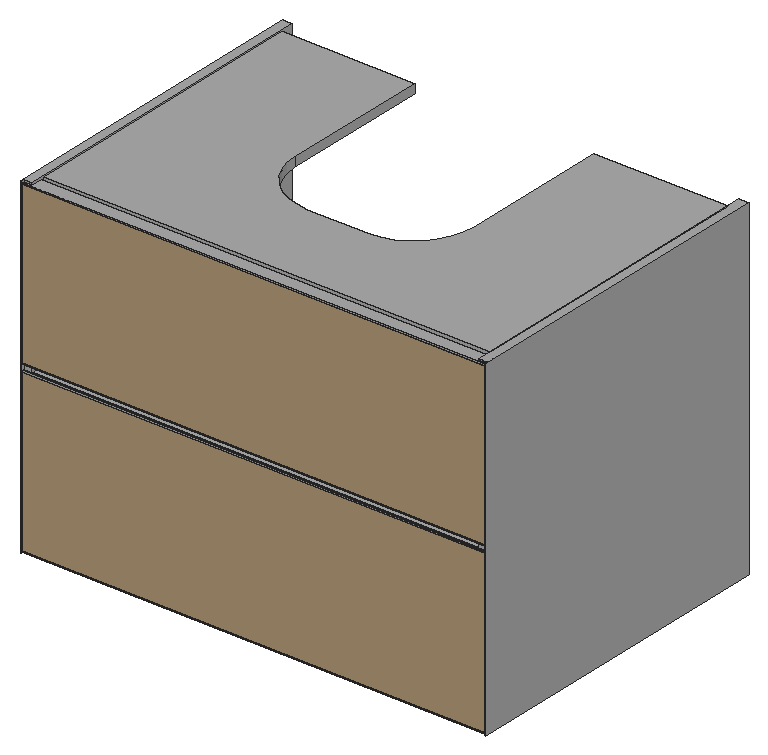
Revit family "vanity unit-hansgrohe-54189XXX-Xevolos E Vanity unit Slate Matt Grey 780_550 with 2 drawers for consoles with countertop basin ground", category Furniture, Revit 2019
Family settings
  OmniClass Number = 23.40.00.00
  OmniClass Title = Equipment and Furnishings
  Work Plane-Based = No
  Always vertical = Yes
  Cut with Voids When Loaded = No
  Shared = Yes
  Room Calculation Point = No
Parameters (values of type "54189390-SLATE_MATT_GREY-PATTEREND_BRONZE-400")
  etim7_EC011381 = "EC011381"
  WEIGHT = "45"
  UNSPSC = "56 | Furniture and Furnishings"
  UNIFORMATII = "E2010 | Fixed Furnishings"
  UNICLASS_2015_CODE = "40_30_78_05"
  UNICLASS2015 = "Pr_40_30_78_05 | Bathroom furniture"
  SURFACE = "PATTEREND_BRONZE"
  REGION = "Worldwide"
  PRODUCTURL = "https://pro.hansgrohe.com/articledetail--54189770"
  PERMALINK = "54189XXX"
  OMNICLASS = "23-21 19 15 33 13 | Residential Bathroom Specialty Casework"
  OBJECTTYPE = "Object (single object)"
  OBERFLAECHE = "SLATE_MATT_GREY"
  NN = "Vanity unit with 2 drawers for consoles with countertop basin ground"
  NBSYN = "$ARTNR.-$OBERFLAECHE.-$SURFACE.-$LODLEVEL."
  NB = "54189390-SLATE_MATT_GREY-PATTEREND_BRONZE-400"
  NAME = "Xevolos E Vanity unit Slate Matt Grey 780/550 with 2 drawers for consoles with countertop basin ground"
  Model = "54189390-SLATE_MATT_GREY-PATTEREND_BRONZE-400"
  Manufacturer = "Hansgrohe"
  MIdent = "{$CADENAS_DATA/23d-libs/hansgrohe/xevolos_furniture/e_vanity_unit_2_drawers_console_countertop_basin/vanity_unit_2drawers_consoles_countertop_basin.prj},300 {VTYP=3D},{NB=54189390-SLATE_MATT_GREY-PATTEREND_BRONZE-400},{LINA=54189390-SLATE_MATT_GREY-PATTEREND_BRONZE-400},{NN=Vanity unit with 2 drawers for consoles with countertop basin ground},{DATE=13.03.2023 11:45:48},{GEOMDATE=12.03.2023 06:32:00},{VERSION=},{LINEID=70},{WBVAR=LODLEVEL},{WBNUMERIC=}  {NB=54189390-SLATE_MATT_GREY-PATTEREND_BRONZE-400},{LINA=54189390-SLATE_MATT_GREY-PATTEREND_BRONZE-400},{KT=DUMMY},{IDNR=7},{ARTNR=54189390},{BASENUMBER=54189},{MODEL=54189XXX},{OBERFLAECHE=SLATE_MATT_GREY},{SURFACE=PATTEREND_BRONZE},{L=780},{LODLEVEL=400},{LODLEVELX='400','400','200','200'},{NAME=Xevolos E Vanity unit Slate Matt Grey 780/550 with 2 drawers for consoles with countertop basin ground},{PERMALINK=54189XXX},{OBJECTTYPE=Object (single object)},{BIMOBJECT=Sanitary: Compound units},{COLLECTIONSET=Xevolos E},{COLLECTION=vanity unit},{WEIGHT=45},{DESCRIPTION=Xevolos E Vanity unit Slate Matt Grey 780/550 with 2 drawers for consoles with countertop basin ground},{PRODUCTURL=https://pro.hansgrohe.com/articledetail--54189770},{GTINCODE=0},{TENDERURL=0},{IFC=Furnishing element},{ETIM=EC011381 | Bathroom furniture set},{UNICLASS2015=Pr_40_30_78_05 | Bathroom furniture},{OMNICLASS=23-21 19 15 33 13 | Residential Bathroom Specialty Casework},{MASTERFORMAT=12 35 30.23 | Bathroom Casework},{UNSPSC=56 | Furniture and Furnishings},{UNIFORMATII=E2010 | Fixed Furnishings},{REGION=Worldwide},{DESIGN=Germany},{MANUFACTURER=Germany}"
  MASTERFORMAT = "12 35 30.23 | Bathroom Casework"
  LODLEVEL = "400"
  LINA = "54189390-SLATE_MATT_GREY-PATTEREND_BRONZE-400"
  L = 780
  IFC = "Furnishing element"
  IDNR = 7
  ETIM = "EC011381 | Bathroom furniture set"
  DESIGN = "Germany"
  COLLECTIONSET = "Xevolos E"
  COLLECTION = "vanity unit"
  CATALOG = "Hansgrohe"
  BIMOBJECT = "Sanitary: Compound units"
  BASENUMBER = "54189"
  ARTNR = "54189390"
  54189770-SLATE_MATT_GREY-METALLIC_SLATE_GREY-400_RX0RY0RZ0TX0TY0TZ0_V = no
  54189770-SLATE_MATT_GREY-METALLIC_SLATE_GREY-200_RX0RY0RZ0TX0TY0TZ0_V = no
  54189730-SLATE_MATT_GREY-DARK_OAK-400_RX0RY0RZ0TX0TY0TZ0_V = no
  54189730-SLATE_MATT_GREY-DARK_OAK-200_RX0RY0RZ0TX0TY0TZ0_V = no
  54189390-SLATE_MATT_GREY-PATTEREND_BRONZE-400_RX0RY0RZ0TX0TY0TZ0_V = yes
  54189390-SLATE_MATT_GREY-PATTEREND_BRONZE-200_RX0RY0RZ0TX0TY0TZ0_V = no
Types (6, lengths in mm): name | SURFACE | NB | Model | MIdent | LODLEVEL | LINA | IDNR | ARTNR | 54189770-SLATE_MATT_GREY-METALLIC_SLATE_GREY-400_RX0RY0RZ0TX0TY0TZ0_V | 54189770-SLATE_MATT_GREY-METALLIC_SLATE_GREY-200_RX0RY0RZ0TX0TY0TZ0_V | 54189730-SLATE_MATT_GREY-DARK_OAK-400_RX0RY0RZ0TX0TY0TZ0_V | 54189730-SLATE_MATT_GREY-DARK_OAK-200_RX0RY0RZ0TX0TY0TZ0_V | 54189390-SLATE_MATT_GREY-PATTEREND_BRONZE-400_RX0RY0RZ0TX0TY0TZ0_V | 54189390-SLATE_MATT_GREY-PATTEREND_BRONZE-200_RX0RY0RZ0TX0TY0TZ0_V
  54189390-SLATE_MATT_GREY-PATTEREND_BRONZE-200 | "PATTEREND_BRONZE" | "54189390-SLATE_MATT_GREY-PATTEREND_BRONZE-200" | "54189390-SLATE_MATT_GREY-PATTEREND_BRONZE-200" | "{$CADENAS_DATA/23d-libs/hansgrohe/xevolos_furniture/e_vanity_unit_2_drawers_console_countertop_basin/vanity_unit_2drawers_consoles_countertop_basin.prj},300 {VTYP=3D},{NB=54189390-SLATE_MATT_GREY-PATTEREND_BRONZE-200},{LINA=54189390-SLATE_MATT_GREY-PATTEREND_BRONZE-200},{NN=Vanity unit with 2 drawers for consoles with countertop basin ground},{DATE=13.03.2023 11:45:48},{GEOMDATE=12.03.2023 06:32:00},{VERSION=},{LINEID=70},{WBVAR=LODLEVEL},{WBNUMERIC=}  {NB=54189390-SLATE_MATT_GREY-PATTEREND_BRONZE-200},{LINA=54189390-SLATE_MATT_GREY-PATTEREND_BRONZE-200},{KT=DUMMY},{IDNR=7},{ARTNR=54189390},{BASENUMBER=54189},{MODEL=54189XXX},{OBERFLAECHE=SLATE_MATT_GREY},{SURFACE=PATTEREND_BRONZE},{L=780},{LODLEVEL=200},{LODLEVELX='400','400','200','200'},{NAME=Xevolos E Vanity unit Slate Matt Grey 780/550 with 2 drawers for consoles with countertop basin ground},{PERMALINK=54189XXX},{OBJECTTYPE=Object (single object)},{BIMOBJECT=Sanitary: Compound units},{COLLECTIONSET=Xevolos E},{COLLECTION=vanity unit},{WEIGHT=45},{DESCRIPTION=Xevolos E Vanity unit Slate Matt Grey 780/550 with 2 drawers for consoles with countertop basin ground},{PRODUCTURL=https://pro.hansgrohe.com/articledetail--54189770},{GTINCODE=0},{TENDERURL=0},{IFC=Furnishing element},{ETIM=EC011381 | Bathroom furniture set},{UNICLASS2015=Pr_40_30_78_05 | Bathroom furniture},{OMNICLASS=23-21 19 15 33 13 | Residential Bathroom Specialty Casework},{MASTERFORMAT=12 35 30.23 | Bathroom Casework},{UNSPSC=56 | Furniture and Furnishings},{UNIFORMATII=E2010 | Fixed Furnishings},{REGION=Worldwide},{DESIGN=Germany},{MANUFACTURER=Germany}" | "200" | "54189390-SLATE_MATT_GREY-PATTEREND_BRONZE-200" | 7 | "54189390" | no | no | no | no | no | yes
  54189390-SLATE_MATT_GREY-PATTEREND_BRONZE-400 | "PATTEREND_BRONZE" | "54189390-SLATE_MATT_GREY-PATTEREND_BRONZE-400" | "54189390-SLATE_MATT_GREY-PATTEREND_BRONZE-400" | "{$CADENAS_DATA/23d-libs/hansgrohe/xevolos_furniture/e_vanity_unit_2_drawers_console_countertop_basin/vanity_unit_2drawers_consoles_countertop_basin.prj},300 {VTYP=3D},{NB=54189390-SLATE_MATT_GREY-PATTEREND_BRONZE-400},{LINA=54189390-SLATE_MATT_GREY-PATTEREND_BRONZE-400},{NN=Vanity unit with 2 drawers for consoles with countertop basin ground},{DATE=13.03.2023 11:45:48},{GEOMDATE=12.03.2023 06:32:00},{VERSION=},{LINEID=70},{WBVAR=LODLEVEL},{WBNUMERIC=}  {NB=54189390-SLATE_MATT_GREY-PATTEREND_BRONZE-400},{LINA=54189390-SLATE_MATT_GREY-PATTEREND_BRONZE-400},{KT=DUMMY},{IDNR=7},{ARTNR=54189390},{BASENUMBER=54189},{MODEL=54189XXX},{OBERFLAECHE=SLATE_MATT_GREY},{SURFACE=PATTEREND_BRONZE},{L=780},{LODLEVEL=400},{LODLEVELX='400','400','200','200'},{NAME=Xevolos E Vanity unit Slate Matt Grey 780/550 with 2 drawers for consoles with countertop basin ground},{PERMALINK=54189XXX},{OBJECTTYPE=Object (single object)},{BIMOBJECT=Sanitary: Compound units},{COLLECTIONSET=Xevolos E},{COLLECTION=vanity unit},{WEIGHT=45},{DESCRIPTION=Xevolos E Vanity unit Slate Matt Grey 780/550 with 2 drawers for consoles with countertop basin ground},{PRODUCTURL=https://pro.hansgrohe.com/articledetail--54189770},{GTINCODE=0},{TENDERURL=0},{IFC=Furnishing element},{ETIM=EC011381 | Bathroom furniture set},{UNICLASS2015=Pr_40_30_78_05 | Bathroom furniture},{OMNICLASS=23-21 19 15 33 13 | Residential Bathroom Specialty Casework},{MASTERFORMAT=12 35 30.23 | Bathroom Casework},{UNSPSC=56 | Furniture and Furnishings},{UNIFORMATII=E2010 | Fixed Furnishings},{REGION=Worldwide},{DESIGN=Germany},{MANUFACTURER=Germany}" | "400" | "54189390-SLATE_MATT_GREY-PATTEREND_BRONZE-400" | 7 | "54189390" | no | no | no | no | yes | no
  54189730-SLATE_MATT_GREY-DARK_OAK-200 | "DARK_OAK" | "54189730-SLATE_MATT_GREY-DARK_OAK-200" | "54189730-SLATE_MATT_GREY-DARK_OAK-200" | "{$CADENAS_DATA/23d-libs/hansgrohe/xevolos_furniture/e_vanity_unit_2_drawers_console_countertop_basin/vanity_unit_2drawers_consoles_countertop_basin.prj},284 {VTYP=3D},{NB=54189730-SLATE_MATT_GREY-DARK_OAK-200},{LINA=54189730-SLATE_MATT_GREY-DARK_OAK-200},{NN=Vanity unit with 2 drawers for consoles with countertop basin ground},{DATE=13.03.2023 11:45:48},{GEOMDATE=12.03.2023 06:32:00},{VERSION=},{LINEID=80},{WBVAR=LODLEVEL},{WBNUMERIC=}  {NB=54189730-SLATE_MATT_GREY-DARK_OAK-200},{LINA=54189730-SLATE_MATT_GREY-DARK_OAK-200},{KT=DUMMY},{IDNR=8},{ARTNR=54189730},{BASENUMBER=54189},{MODEL=54189XXX},{OBERFLAECHE=SLATE_MATT_GREY},{SURFACE=DARK_OAK},{L=780},{LODLEVEL=200},{LODLEVELX='400','400','200','200'},{NAME=Xevolos E Vanity unit Slate Matt Grey 780/550 with 2 drawers for consoles with countertop basin ground},{PERMALINK=54189XXX},{OBJECTTYPE=Object (single object)},{BIMOBJECT=Sanitary: Compound units},{COLLECTIONSET=Xevolos E},{COLLECTION=vanity unit},{WEIGHT=45},{DESCRIPTION=Xevolos E Vanity unit Slate Matt Grey 780/550 with 2 drawers for consoles with countertop basin ground},{PRODUCTURL=https://pro.hansgrohe.com/articledetail--54189770},{GTINCODE=0},{TENDERURL=0},{IFC=Furnishing element},{ETIM=EC011381 | Bathroom furniture set},{UNICLASS2015=Pr_40_30_78_05 | Bathroom furniture},{OMNICLASS=23-21 19 15 33 13 | Residential Bathroom Specialty Casework},{MASTERFORMAT=12 35 30.23 | Bathroom Casework},{UNSPSC=56 | Furniture and Furnishings},{UNIFORMATII=E2010 | Fixed Furnishings},{REGION=Worldwide},{DESIGN=Germany},{MANUFACTURER=Germany}" | "200" | "54189730-SLATE_MATT_GREY-DARK_OAK-200" | 8 | "54189730" | no | no | no | yes | no | no
  54189730-SLATE_MATT_GREY-DARK_OAK-400 | "DARK_OAK" | "54189730-SLATE_MATT_GREY-DARK_OAK-400" | "54189730-SLATE_MATT_GREY-DARK_OAK-400" | "{$CADENAS_DATA/23d-libs/hansgrohe/xevolos_furniture/e_vanity_unit_2_drawers_console_countertop_basin/vanity_unit_2drawers_consoles_countertop_basin.prj},284 {VTYP=3D},{NB=54189730-SLATE_MATT_GREY-DARK_OAK-400},{LINA=54189730-SLATE_MATT_GREY-DARK_OAK-400},{NN=Vanity unit with 2 drawers for consoles with countertop basin ground},{DATE=13.03.2023 11:45:48},{GEOMDATE=12.03.2023 06:32:00},{VERSION=},{LINEID=80},{WBVAR=LODLEVEL},{WBNUMERIC=}  {NB=54189730-SLATE_MATT_GREY-DARK_OAK-400},{LINA=54189730-SLATE_MATT_GREY-DARK_OAK-400},{KT=DUMMY},{IDNR=8},{ARTNR=54189730},{BASENUMBER=54189},{MODEL=54189XXX},{OBERFLAECHE=SLATE_MATT_GREY},{SURFACE=DARK_OAK},{L=780},{LODLEVEL=400},{LODLEVELX='400','400','200','200'},{NAME=Xevolos E Vanity unit Slate Matt Grey 780/550 with 2 drawers for consoles with countertop basin ground},{PERMALINK=54189XXX},{OBJECTTYPE=Object (single object)},{BIMOBJECT=Sanitary: Compound units},{COLLECTIONSET=Xevolos E},{COLLECTION=vanity unit},{WEIGHT=45},{DESCRIPTION=Xevolos E Vanity unit Slate Matt Grey 780/550 with 2 drawers for consoles with countertop basin ground},{PRODUCTURL=https://pro.hansgrohe.com/articledetail--54189770},{GTINCODE=0},{TENDERURL=0},{IFC=Furnishing element},{ETIM=EC011381 | Bathroom furniture set},{UNICLASS2015=Pr_40_30_78_05 | Bathroom furniture},{OMNICLASS=23-21 19 15 33 13 | Residential Bathroom Specialty Casework},{MASTERFORMAT=12 35 30.23 | Bathroom Casework},{UNSPSC=56 | Furniture and Furnishings},{UNIFORMATII=E2010 | Fixed Furnishings},{REGION=Worldwide},{DESIGN=Germany},{MANUFACTURER=Germany}" | "400" | "54189730-SLATE_MATT_GREY-DARK_OAK-400" | 8 | "54189730" | no | no | yes | no | no | no
  54189770-SLATE_MATT_GREY-METALLIC_SLATE_GREY-200 | "METALLIC_SLATE_GREY" | "54189770-SLATE_MATT_GREY-METALLIC_SLATE_GREY-200" | "54189770-SLATE_MATT_GREY-METALLIC_SLATE_GREY-200" | "{$CADENAS_DATA/23d-libs/hansgrohe/xevolos_furniture/e_vanity_unit_2_drawers_console_countertop_basin/vanity_unit_2drawers_consoles_countertop_basin.prj},306 {VTYP=3D},{NB=54189770-SLATE_MATT_GREY-METALLIC_SLATE_GREY-200},{LINA=54189770-SLATE_MATT_GREY-METALLIC_SLATE_GREY-200},{NN=Vanity unit with 2 drawers for consoles with countertop basin ground},{DATE=13.03.2023 11:45:48},{GEOMDATE=12.03.2023 06:32:00},{VERSION=},{LINEID=90},{WBVAR=LODLEVEL},{WBNUMERIC=}  {NB=54189770-SLATE_MATT_GREY-METALLIC_SLATE_GREY-200},{LINA=54189770-SLATE_MATT_GREY-METALLIC_SLATE_GREY-200},{KT=DUMMY},{IDNR=9},{ARTNR=54189770},{BASENUMBER=54189},{MODEL=54189XXX},{OBERFLAECHE=SLATE_MATT_GREY},{SURFACE=METALLIC_SLATE_GREY},{L=780},{LODLEVEL=200},{LODLEVELX='400','400','200','200'},{NAME=Xevolos E Vanity unit Slate Matt Grey 780/550 with 2 drawers for consoles with countertop basin ground},{PERMALINK=54189XXX},{OBJECTTYPE=Object (single object)},{BIMOBJECT=Sanitary: Compound units},{COLLECTIONSET=Xevolos E},{COLLECTION=vanity unit},{WEIGHT=45},{DESCRIPTION=Xevolos E Vanity unit Slate Matt Grey 780/550 with 2 drawers for consoles with countertop basin ground},{PRODUCTURL=https://pro.hansgrohe.com/articledetail--54189770},{GTINCODE=0},{TENDERURL=0},{IFC=Furnishing element},{ETIM=EC011381 | Bathroom furniture set},{UNICLASS2015=Pr_40_30_78_05 | Bathroom furniture},{OMNICLASS=23-21 19 15 33 13 | Residential Bathroom Specialty Casework},{MASTERFORMAT=12 35 30.23 | Bathroom Casework},{UNSPSC=56 | Furniture and Furnishings},{UNIFORMATII=E2010 | Fixed Furnishings},{REGION=Worldwide},{DESIGN=Germany},{MANUFACTURER=Germany}" | "200" | "54189770-SLATE_MATT_GREY-METALLIC_SLATE_GREY-200" | 9 | "54189770" | no | yes | no | no | no | no
  54189770-SLATE_MATT_GREY-METALLIC_SLATE_GREY-400 | "METALLIC_SLATE_GREY" | "54189770-SLATE_MATT_GREY-METALLIC_SLATE_GREY-400" | "54189770-SLATE_MATT_GREY-METALLIC_SLATE_GREY-400" | "{$CADENAS_DATA/23d-libs/hansgrohe/xevolos_furniture/e_vanity_unit_2_drawers_console_countertop_basin/vanity_unit_2drawers_consoles_countertop_basin.prj},306 {VTYP=3D},{NB=54189770-SLATE_MATT_GREY-METALLIC_SLATE_GREY-400},{LINA=54189770-SLATE_MATT_GREY-METALLIC_SLATE_GREY-400},{NN=Vanity unit with 2 drawers for consoles with countertop basin ground},{DATE=13.03.2023 11:45:48},{GEOMDATE=12.03.2023 06:32:00},{VERSION=},{LINEID=90},{WBVAR=LODLEVEL},{WBNUMERIC=}  {NB=54189770-SLATE_MATT_GREY-METALLIC_SLATE_GREY-400},{LINA=54189770-SLATE_MATT_GREY-METALLIC_SLATE_GREY-400},{KT=DUMMY},{IDNR=9},{ARTNR=54189770},{BASENUMBER=54189},{MODEL=54189XXX},{OBERFLAECHE=SLATE_MATT_GREY},{SURFACE=METALLIC_SLATE_GREY},{L=780},{LODLEVEL=400},{LODLEVELX='400','400','200','200'},{NAME=Xevolos E Vanity unit Slate Matt Grey 780/550 with 2 drawers for consoles with countertop basin ground},{PERMALINK=54189XXX},{OBJECTTYPE=Object (single object)},{BIMOBJECT=Sanitary: Compound units},{COLLECTIONSET=Xevolos E},{COLLECTION=vanity unit},{WEIGHT=45},{DESCRIPTION=Xevolos E Vanity unit Slate Matt Grey 780/550 with 2 drawers for consoles with countertop basin ground},{PRODUCTURL=https://pro.hansgrohe.com/articledetail--54189770},{GTINCODE=0},{TENDERURL=0},{IFC=Furnishing element},{ETIM=EC011381 | Bathroom furniture set},{UNICLASS2015=Pr_40_30_78_05 | Bathroom furniture},{OMNICLASS=23-21 19 15 33 13 | Residential Bathroom Specialty Casework},{MASTERFORMAT=12 35 30.23 | Bathroom Casework},{UNSPSC=56 | Furniture and Furnishings},{UNIFORMATII=E2010 | Fixed Furnishings},{REGION=Worldwide},{DESIGN=Germany},{MANUFACTURER=Germany}" | "400" | "54189770-SLATE_MATT_GREY-METALLIC_SLATE_GREY-400" | 9 | "54189770" | yes | no | no | no | no | no
Reference planes
  plane 1 "Center (Front/Back)": y = 0
  plane 2: z = 0
  plane 3 "Center (Left/Right)": x = 0
Dimensions and locks
  aligned and locked: level to plane 2
Nested families
  nested 1: "54189390-slate_matt_grey-patterend_bronze-200_content" at (0, 0, 0), visible <- "54189390-SLATE_MATT_GREY-PATTEREND_BRONZE-200_RX0RY0RZ0TX0TY0TZ0_V", ContentVisible <- "54189390-SLATE_MATT_GREY-PATTEREND_BRONZE-200_RX0RY0RZ0TX0TY0TZ0_V", type "54189390-SLATE_MATT_GREY-PATTEREND_BRONZE-200_Content"
    with ContentVisible no
  nested 2: "54189390-slate_matt_grey-patterend_bronze-400_content" at (0, 0, 0), visible <- "54189390-SLATE_MATT_GREY-PATTEREND_BRONZE-400_RX0RY0RZ0TX0TY0TZ0_V", ContentVisible <- "54189390-SLATE_MATT_GREY-PATTEREND_BRONZE-400_RX0RY0RZ0TX0TY0TZ0_V", type "54189390-SLATE_MATT_GREY-PATTEREND_BRONZE-400_Content"
    with ContentVisible yes
  nested 3: "54189730-slate_matt_grey-dark_oak-200_content" at (0, 0, 0), visible <- "54189730-SLATE_MATT_GREY-DARK_OAK-200_RX0RY0RZ0TX0TY0TZ0_V", ContentVisible <- "54189730-SLATE_MATT_GREY-DARK_OAK-200_RX0RY0RZ0TX0TY0TZ0_V", type "54189730-SLATE_MATT_GREY-DARK_OAK-200_Content"
    with ContentVisible no
  nested 4: "54189730-slate_matt_grey-dark_oak-400_content" at (0, 0, 0), visible <- "54189730-SLATE_MATT_GREY-DARK_OAK-400_RX0RY0RZ0TX0TY0TZ0_V", ContentVisible <- "54189730-SLATE_MATT_GREY-DARK_OAK-400_RX0RY0RZ0TX0TY0TZ0_V", type "54189730-SLATE_MATT_GREY-DARK_OAK-400_Content"
    with ContentVisible no
  nested 5: "54189770-slate_matt_grey-metallic_slate_grey-200_content" at (0, 0, 0), visible <- "54189770-SLATE_MATT_GREY-METALLIC_SLATE_GREY-200_RX0RY0RZ0TX0TY0TZ0_V", ContentVisible <- "54189770-SLATE_MATT_GREY-METALLIC_SLATE_GREY-200_RX0RY0RZ0TX0TY0TZ0_V", type "54189770-SLATE_MATT_GREY-METALLIC_SLATE_GREY-200_Content"
    with ContentVisible no
  nested 6: "54189770-slate_matt_grey-metallic_slate_grey-400_content" at (0, 0, 0), visible <- "54189770-SLATE_MATT_GREY-METALLIC_SLATE_GREY-400_RX0RY0RZ0TX0TY0TZ0_V", ContentVisible <- "54189770-SLATE_MATT_GREY-METALLIC_SLATE_GREY-400_RX0RY0RZ0TX0TY0TZ0_V", type "54189770-SLATE_MATT_GREY-METALLIC_SLATE_GREY-400_Content"
    with ContentVisible no
Definition of nested family "54189390-slate_matt_grey-patterend_bronze-400_content"
  Parameters (values of type "54189390-SLATE_MATT_GREY-PATTEREND_BRONZE-400_Content")
    etim7_EC011381 = "EC011381"
    WEIGHT = "45"
    UNSPSC = "56 | Furniture and Furnishings"
    UNIFORMATII = "E2010 | Fixed Furnishings"
    UNICLASS_2015_CODE = "40_30_78_05"
    UNICLASS2015 = "Pr_40_30_78_05 | Bathroom furniture"
    SURFACE = "PATTEREND_BRONZE"
    REGION = "Worldwide"
    PRODUCTURL = "https://pro.hansgrohe.com/articledetail--54189770"
    PERMALINK = "54189XXX"
    OMNICLASS = "23-21 19 15 33 13 | Residential Bathroom Specialty Casework"
    OBJECTTYPE = "Object (single object)"
    OBERFLAECHE = "SLATE_MATT_GREY"
    NN = "Vanity unit with 2 drawers for consoles with countertop basin ground"
    NBSYN = "$ARTNR.-$OBERFLAECHE.-$SURFACE.-$LODLEVEL."
    NB = "54189390-SLATE_MATT_GREY-PATTEREND_BRONZE-400"
    NAME = "Xevolos E Vanity unit Slate Matt Grey 780/550 with 2 drawers for consoles with countertop basin ground"
    Model = "54189390-SLATE_MATT_GREY-PATTEREND_BRONZE-400"
    Manufacturer = "Hansgrohe"
    MASTERFORMAT = "12 35 30.23 | Bathroom Casework"
    LODLEVEL = "400"
    LINA = "54189390-SLATE_MATT_GREY-PATTEREND_BRONZE-400"
    L = 780
    IFC = "Furnishing element"
    IDNR = 7
    ETIM = "EC011381 | Bathroom furniture set"
    Default Elevation = 1219.2 mm
    DESIGN = "Germany"
    ContentVisible [instance] = yes
    COLLECTIONSET = "Xevolos E"
    COLLECTION = "vanity unit"
    CATALOG = "Hansgrohe"
    BIMOBJECT = "Sanitary: Compound units"
    BASENUMBER = "54189"
    ARTNR = "54189390"
  Reference planes
    plane 1 "Center (Front/Back)": y = 0
    plane 2: z = 0
    plane 3 "Center (Left/Right)": x = 0
  Forms (mm)
    Extrusion 1, solid, visible <- "ContentVisible", detail levels medium+fine
      sketch origin (0, 0, 0) x (1, 0, 0) y (0, 1, 0)
        loop
          line (-390, 0) -> (-390, -548.3) -> (-388, -548.3) -> (-388, -544.3) -> (-374, -544.3) -> (-374, 0) -> (-390, 0)
      from 0 to 558
    Extrusion 2, solid, visible <- "ContentVisible", detail levels medium+fine
      sketch origin (0, 0, 0) x (1, 0, 0) y (0, 1, 0)
        loop
          line (-374, -131.5) -> (-374, -498) -> (374, -498) -> (374, -131.5) -> (-374, -131.5)
      from 0 to 16
    Extrusion 3, solid, visible <- "ContentVisible", detail levels medium+fine
      sketch origin (0, 0, 0) x (1, 0, 0) y (0, 1, 0)
        loop
          line (374, 0) -> (374, -544.3) -> (388, -544.3) -> (388, -548.3) -> (390, -548.3) -> (390, 0) -> (374, 0)
      from 0 to 558
    Extrusion 4, solid, visible <- "ContentVisible", detail levels medium+fine
      sketch origin (0, 0, 0.5) x (1, 0, 0) y (0, 1, 0)
        loop
          line (-374, -115.5) -> (-374, -131.5) -> (374, -131.5) -> (374, -115.5) -> (-374, -115.5)
      from 0 to 126
    Extrusion 5, solid, visible <- "ContentVisible", detail levels medium+fine
      sketch origin (0, 0, 2) x (1, 0, 0) y (0, 1, 0)
        loop
          line (-388, -527) -> (-388, -548.3) -> (388, -548.3) -> (388, -527) -> (-388, -527)
      from 0 to 2
    Extrusion 6, solid, visible <- "ContentVisible", detail levels medium+fine
      sketch origin (0, 0, 556) x (1, 0, 0) y (0, 1, 0)
        loop
          line (-388, -527) -> (-388, -548.3) -> (388, -548.3) -> (388, -527) -> (-388, -527)
      from -2 to 0
    Extrusion 7, solid, visible <- "ContentVisible", detail levels medium+fine
      sketch origin (0, -544.3, 0) x (1, 0, 0) y (0, 0, -1)
        loop
          line (-388, -272.5) -> (388, -272.5) -> (388, -4) -> (-388, -4) -> (-388, -272.5)
      from -4 to 0
    Extrusion 8, solid, visible <- "ContentVisible", detail levels medium+fine
      sketch origin (0, -544.3, 0) x (1, 0, 0) y (0, 0, -1)
        loop
          line (-388, -554) -> (388, -554) -> (388, -285.5) -> (-388, -285.5) -> (-388, -554)
      from -4 to 0
    Extrusion 9, solid, visible <- "ContentVisible", detail levels medium+fine
      sketch origin (0, 0, 272.5) x (1, 0, 0) y (0, 1, 0)
        loop
          line (-388, -527) -> (-388, -548.3) -> (388, -548.3) -> (388, -527) -> (-388, -527)
      from 0 to 2
    Extrusion 10, solid, visible <- "ContentVisible", detail levels medium+fine
      sketch origin (0, 0, 285.5) x (1, 0, 0) y (0, 1, 0)
        loop
          line (-388, -527) -> (-388, -548.3) -> (388, -548.3) -> (388, -527) -> (-388, -527)
      from -2 to 0
    Extrusion 11, solid, visible <- "ContentVisible", detail levels medium+fine
      sketch origin (0, -544.3, 0) x (1, 0, 0) y (0, 0, -1)
        loop
          line (-388, -274.5) -> (388, -274.5) -> (388, -4.5) -> (-388, -4.5) -> (-388, -274.5)
        loop
          line (-314, -78) -> (-314, -272.5) -> (314, -272.5) -> (314, -78) -> (-314, -78)
      from 0 to 17
    Extrusion 12, solid, visible <- "ContentVisible", detail levels medium+fine
      sketch origin (0, -544.3, 0) x (1, 0, 0) y (0, 0, -1)
        loop
          line (-388, -553.5) -> (-312, -553.5) -> (-312, -361.5) -> (312, -361.5) -> (312, -553.5) -> (388, -553.5) -> (388, -285.5) -> (-388, -285.5) -> (-388, -553.5)
      from 0 to 17
    Extrusion 13, solid, visible <- "ContentVisible", detail levels medium+fine
      sketch origin (0, 0, 0) x (0, 0, -1) y (0, 1, 0)
        loop
          line (-285, -395.5) -> (-285, -520) -> (-269, -520) -> (-269, -395.5) -> (-285, -395.5)
      from -374 to 374
    Extrusion 14, solid, visible <- "ContentVisible", detail levels medium+fine
      sketch origin (0, 0, 557.5) x (1, 0, 0) y (0, 1, 0)
        loop
          line (-374, -521.5) -> (374, -521.5) -> (374, -23) -> (150, -23) -> (150, -273)
          arc (150, -273) -> (120.711, -343.711) -> (50, -373) r 100
          line (50, -373) -> (-50, -373)
          arc (-50, -373) -> (-120.711, -343.711) -> (-150, -273) r 100
          line (-150, -273) -> (-150, -23) -> (-374, -23) -> (-374, -521.5)
      from -16 to 0
    Extrusion 15, solid, visible <- "ContentVisible", detail levels coarse
      sketch origin (0, -274.15, 0) x (1, 0, 0) y (0, 1, 0)
        loop
          line (-390, -274.15) -> (390, -274.15) -> (390, 274.15) -> (-390, 274.15) -> (-390, -274.15)
      from 0 to 558
  Dimensions and locks
    aligned and locked: level to plane 2
Definition of nested family "54189390-slate_matt_grey-patterend_bronze-200_content"
  Parameters (values of type "54189390-SLATE_MATT_GREY-PATTEREND_BRONZE-200_Content")
    etim7_EC011381 = "EC011381"
    WEIGHT = "45"
    UNSPSC = "56 | Furniture and Furnishings"
    UNIFORMATII = "E2010 | Fixed Furnishings"
    UNICLASS_2015_CODE = "40_30_78_05"
    UNICLASS2015 = "Pr_40_30_78_05 | Bathroom furniture"
    SURFACE = "PATTEREND_BRONZE"
    REGION = "Worldwide"
    PRODUCTURL = "https://pro.hansgrohe.com/articledetail--54189770"
    PERMALINK = "54189XXX"
    OMNICLASS = "23-21 19 15 33 13 | Residential Bathroom Specialty Casework"
    OBJECTTYPE = "Object (single object)"
    OBERFLAECHE = "SLATE_MATT_GREY"
    NN = "Vanity unit with 2 drawers for consoles with countertop basin ground"
    NBSYN = "$ARTNR.-$OBERFLAECHE.-$SURFACE.-$LODLEVEL."
    NB = "54189390-SLATE_MATT_GREY-PATTEREND_BRONZE-200"
    NAME = "Xevolos E Vanity unit Slate Matt Grey 780/550 with 2 drawers for consoles with countertop basin ground"
    Model = "54189390-SLATE_MATT_GREY-PATTEREND_BRONZE-200"
    Manufacturer = "Hansgrohe"
    MASTERFORMAT = "12 35 30.23 | Bathroom Casework"
    LODLEVEL = "200"
    LINA = "54189390-SLATE_MATT_GREY-PATTEREND_BRONZE-200"
    L = 780
    IFC = "Furnishing element"
    IDNR = 7
    ETIM = "EC011381 | Bathroom furniture set"
    Default Elevation = 1219.2 mm
    DESIGN = "Germany"
    ContentVisible [instance] = yes
    COLLECTIONSET = "Xevolos E"
    COLLECTION = "vanity unit"
    CATALOG = "Hansgrohe"
    BIMOBJECT = "Sanitary: Compound units"
    BASENUMBER = "54189"
    ARTNR = "54189390"
  Reference planes
    plane 1 "Center (Front/Back)": y = 0
    plane 2: z = 0
    plane 3 "Center (Left/Right)": x = 0
  Forms (mm)
    Extrusion 1, solid, visible <- "ContentVisible", detail levels medium+fine
      sketch origin (0, 0, 0) x (1, 0, 0) y (0, 1, 0)
        loop
          line (-390, 0) -> (-390, -544.3) -> (390, -544.3) -> (390, 0) -> (-390, 0)
      from 0 to 558
    Extrusion 2, solid, visible <- "ContentVisible", detail levels medium+fine
      sketch origin (0, -544.3, 0) x (1, 0, 0) y (0, 0, -1)
        loop
          line (-390, -278) -> (-388, -278) -> (-388, -4) -> (388, -4) -> (388, -278) -> (390, -278) -> (390, -2) -> (-390, -2) -> (-390, -278)
      from -4 to 0
    Extrusion 3, solid, visible <- "ContentVisible", detail levels medium+fine
      sketch origin (0, -544.3, 0) x (1, 0, 0) y (0, 0, -1)
        loop
          line (-390, -278) -> (-390, -554) -> (390, -554) -> (390, -278) -> (388, -278) -> (388, -552) -> (-388, -552) -> (-388, -278) -> (-390, -278)
      from -4 to 0
    Extrusion 4, solid, visible <- "ContentVisible", detail levels medium+fine
      sketch origin (0, -544.3, 0) x (1, 0, 0) y (0, 0, -1)
        loop
          line (-388, -272.5) -> (388, -272.5) -> (388, -4) -> (-388, -4) -> (-388, -272.5)
      from -4 to 0
    Extrusion 5, solid, visible <- "ContentVisible", detail levels medium+fine
      sketch origin (0, -544.3, 0) x (1, 0, 0) y (0, 0, -1)
        loop
          line (-388, -554) -> (388, -554) -> (388, -285.5) -> (-388, -285.5) -> (-388, -554)
      from -4 to 0
    Extrusion 6, solid, visible <- "ContentVisible", detail levels medium+fine
      sketch origin (0, 0, 272.5) x (1, 0, 0) y (0, 1, 0)
        loop
          line (-388, -527) -> (-388, -548.3) -> (388, -548.3) -> (388, -527) -> (-388, -527)
      from 0 to 2
    Extrusion 7, solid, visible <- "ContentVisible", detail levels medium+fine
      sketch origin (0, 0, 285.5) x (1, 0, 0) y (0, 1, 0)
        loop
          line (-388, -527) -> (-388, -548.3) -> (388, -548.3) -> (388, -527) -> (-388, -527)
      from -2 to 0
    Extrusion 8, solid, visible <- "ContentVisible", detail levels coarse
      sketch origin (0, -274.15, 0) x (1, 0, 0) y (0, 1, 0)
        loop
          line (-390, -274.15) -> (390, -274.15) -> (390, 274.15) -> (-390, 274.15) -> (-390, -274.15)
      from 0 to 558
  Dimensions and locks
    aligned and locked: level to plane 2
Definition of nested family "54189730-slate_matt_grey-dark_oak-200_content"
  Parameters (values of type "54189730-SLATE_MATT_GREY-DARK_OAK-200_Content")
    etim7_EC011381 = "EC011381"
    WEIGHT = "45"
    UNSPSC = "56 | Furniture and Furnishings"
    UNIFORMATII = "E2010 | Fixed Furnishings"
    UNICLASS_2015_CODE = "40_30_78_05"
    UNICLASS2015 = "Pr_40_30_78_05 | Bathroom furniture"
    SURFACE = "DARK_OAK"
    REGION = "Worldwide"
    PRODUCTURL = "https://pro.hansgrohe.com/articledetail--54189770"
    PERMALINK = "54189XXX"
    OMNICLASS = "23-21 19 15 33 13 | Residential Bathroom Specialty Casework"
    OBJECTTYPE = "Object (single object)"
    OBERFLAECHE = "SLATE_MATT_GREY"
    NN = "Vanity unit with 2 drawers for consoles with countertop basin ground"
    NBSYN = "$ARTNR.-$OBERFLAECHE.-$SURFACE.-$LODLEVEL."
    NB = "54189730-SLATE_MATT_GREY-DARK_OAK-200"
    NAME = "Xevolos E Vanity unit Slate Matt Grey 780/550 with 2 drawers for consoles with countertop basin ground"
    Model = "54189730-SLATE_MATT_GREY-DARK_OAK-200"
    Manufacturer = "Hansgrohe"
    MASTERFORMAT = "12 35 30.23 | Bathroom Casework"
    LODLEVEL = "200"
    LINA = "54189730-SLATE_MATT_GREY-DARK_OAK-200"
    L = 780
    IFC = "Furnishing element"
    IDNR = 8
    ETIM = "EC011381 | Bathroom furniture set"
    Default Elevation = 1219.2 mm
    DESIGN = "Germany"
    ContentVisible [instance] = yes
    COLLECTIONSET = "Xevolos E"
    COLLECTION = "vanity unit"
    CATALOG = "Hansgrohe"
    BIMOBJECT = "Sanitary: Compound units"
    BASENUMBER = "54189"
    ARTNR = "54189730"
  Reference planes
    plane 1 "Center (Front/Back)": y = 0
    plane 2: z = 0
    plane 3 "Center (Left/Right)": x = 0
  Forms (mm)
    Extrusion 1, solid, visible <- "ContentVisible", detail levels medium+fine
      sketch origin (0, 0, 0) x (1, 0, 0) y (0, 1, 0)
        loop
          line (-390, 0) -> (-390, -544.3) -> (390, -544.3) -> (390, 0) -> (-390, 0)
      from 0 to 558
    Extrusion 2, solid, visible <- "ContentVisible", detail levels medium+fine
      sketch origin (0, -544.3, 0) x (1, 0, 0) y (0, 0, -1)
        loop
          line (-390, -278) -> (-388, -278) -> (-388, -4) -> (388, -4) -> (388, -278) -> (390, -278) -> (390, -2) -> (-390, -2) -> (-390, -278)
      from -4 to 0
    Extrusion 3, solid, visible <- "ContentVisible", detail levels medium+fine
      sketch origin (0, -544.3, 0) x (1, 0, 0) y (0, 0, -1)
        loop
          line (-390, -278) -> (-390, -554) -> (390, -554) -> (390, -278) -> (388, -278) -> (388, -552) -> (-388, -552) -> (-388, -278) -> (-390, -278)
      from -4 to 0
    Extrusion 4, solid, visible <- "ContentVisible", detail levels medium+fine
      sketch origin (0, -544.3, 0) x (1, 0, 0) y (0, 0, -1)
        loop
          line (-388, -272.5) -> (388, -272.5) -> (388, -4) -> (-388, -4) -> (-388, -272.5)
      from -4 to 0
    Extrusion 5, solid, visible <- "ContentVisible", detail levels medium+fine
      sketch origin (0, -544.3, 0) x (1, 0, 0) y (0, 0, -1)
        loop
          line (-388, -554) -> (388, -554) -> (388, -285.5) -> (-388, -285.5) -> (-388, -554)
      from -4 to 0
    Extrusion 6, solid, visible <- "ContentVisible", detail levels medium+fine
      sketch origin (0, 0, 272.5) x (1, 0, 0) y (0, 1, 0)
        loop
          line (-388, -527) -> (-388, -548.3) -> (388, -548.3) -> (388, -527) -> (-388, -527)
      from 0 to 2
    Extrusion 7, solid, visible <- "ContentVisible", detail levels medium+fine
      sketch origin (0, 0, 285.5) x (1, 0, 0) y (0, 1, 0)
        loop
          line (-388, -527) -> (-388, -548.3) -> (388, -548.3) -> (388, -527) -> (-388, -527)
      from -2 to 0
    Extrusion 8, solid, visible <- "ContentVisible", detail levels coarse
      sketch origin (0, -274.15, 0) x (1, 0, 0) y (0, 1, 0)
        loop
          line (-390, -274.15) -> (390, -274.15) -> (390, 274.15) -> (-390, 274.15) -> (-390, -274.15)
      from 0 to 558
  Dimensions and locks
    aligned and locked: level to plane 2
Definition of nested family "54189730-slate_matt_grey-dark_oak-400_content"
  Parameters (values of type "54189730-SLATE_MATT_GREY-DARK_OAK-400_Content")
    etim7_EC011381 = "EC011381"
    WEIGHT = "45"
    UNSPSC = "56 | Furniture and Furnishings"
    UNIFORMATII = "E2010 | Fixed Furnishings"
    UNICLASS_2015_CODE = "40_30_78_05"
    UNICLASS2015 = "Pr_40_30_78_05 | Bathroom furniture"
    SURFACE = "DARK_OAK"
    REGION = "Worldwide"
    PRODUCTURL = "https://pro.hansgrohe.com/articledetail--54189770"
    PERMALINK = "54189XXX"
    OMNICLASS = "23-21 19 15 33 13 | Residential Bathroom Specialty Casework"
    OBJECTTYPE = "Object (single object)"
    OBERFLAECHE = "SLATE_MATT_GREY"
    NN = "Vanity unit with 2 drawers for consoles with countertop basin ground"
    NBSYN = "$ARTNR.-$OBERFLAECHE.-$SURFACE.-$LODLEVEL."
    NB = "54189730-SLATE_MATT_GREY-DARK_OAK-400"
    NAME = "Xevolos E Vanity unit Slate Matt Grey 780/550 with 2 drawers for consoles with countertop basin ground"
    Model = "54189730-SLATE_MATT_GREY-DARK_OAK-400"
    Manufacturer = "Hansgrohe"
    MASTERFORMAT = "12 35 30.23 | Bathroom Casework"
    LODLEVEL = "400"
    LINA = "54189730-SLATE_MATT_GREY-DARK_OAK-400"
    L = 780
    IFC = "Furnishing element"
    IDNR = 8
    ETIM = "EC011381 | Bathroom furniture set"
    Default Elevation = 1219.2 mm
    DESIGN = "Germany"
    ContentVisible [instance] = yes
    COLLECTIONSET = "Xevolos E"
    COLLECTION = "vanity unit"
    CATALOG = "Hansgrohe"
    BIMOBJECT = "Sanitary: Compound units"
    BASENUMBER = "54189"
    ARTNR = "54189730"
  Reference planes
    plane 1 "Center (Front/Back)": y = 0
    plane 2: z = 0
    plane 3 "Center (Left/Right)": x = 0
  Forms (mm)
    Extrusion 1, solid, visible <- "ContentVisible", detail levels medium+fine
      sketch origin (0, 0, 0) x (1, 0, 0) y (0, 1, 0)
        loop
          line (-390, 0) -> (-390, -548.3) -> (-388, -548.3) -> (-388, -544.3) -> (-374, -544.3) -> (-374, 0) -> (-390, 0)
      from 0 to 558
    Extrusion 2, solid, visible <- "ContentVisible", detail levels medium+fine
      sketch origin (0, 0, 0) x (1, 0, 0) y (0, 1, 0)
        loop
          line (-374, -131.5) -> (-374, -498) -> (374, -498) -> (374, -131.5) -> (-374, -131.5)
      from 0 to 16
    Extrusion 3, solid, visible <- "ContentVisible", detail levels medium+fine
      sketch origin (0, 0, 0) x (1, 0, 0) y (0, 1, 0)
        loop
          line (374, 0) -> (374, -544.3) -> (388, -544.3) -> (388, -548.3) -> (390, -548.3) -> (390, 0) -> (374, 0)
      from 0 to 558
    Extrusion 4, solid, visible <- "ContentVisible", detail levels medium+fine
      sketch origin (0, 0, 0.5) x (1, 0, 0) y (0, 1, 0)
        loop
          line (-374, -115.5) -> (-374, -131.5) -> (374, -131.5) -> (374, -115.5) -> (-374, -115.5)
      from 0 to 126
    Extrusion 5, solid, visible <- "ContentVisible", detail levels medium+fine
      sketch origin (0, 0, 2) x (1, 0, 0) y (0, 1, 0)
        loop
          line (-388, -527) -> (-388, -548.3) -> (388, -548.3) -> (388, -527) -> (-388, -527)
      from 0 to 2
    Extrusion 6, solid, visible <- "ContentVisible", detail levels medium+fine
      sketch origin (0, 0, 556) x (1, 0, 0) y (0, 1, 0)
        loop
          line (-388, -527) -> (-388, -548.3) -> (388, -548.3) -> (388, -527) -> (-388, -527)
      from -2 to 0
    Extrusion 7, solid, visible <- "ContentVisible", detail levels medium+fine
      sketch origin (0, -544.3, 0) x (1, 0, 0) y (0, 0, -1)
        loop
          line (-388, -272.5) -> (388, -272.5) -> (388, -4) -> (-388, -4) -> (-388, -272.5)
      from -4 to 0
    Extrusion 8, solid, visible <- "ContentVisible", detail levels medium+fine
      sketch origin (0, -544.3, 0) x (1, 0, 0) y (0, 0, -1)
        loop
          line (-388, -554) -> (388, -554) -> (388, -285.5) -> (-388, -285.5) -> (-388, -554)
      from -4 to 0
    Extrusion 9, solid, visible <- "ContentVisible", detail levels medium+fine
      sketch origin (0, 0, 272.5) x (1, 0, 0) y (0, 1, 0)
        loop
          line (-388, -527) -> (-388, -548.3) -> (388, -548.3) -> (388, -527) -> (-388, -527)
      from 0 to 2
    Extrusion 10, solid, visible <- "ContentVisible", detail levels medium+fine
      sketch origin (0, 0, 285.5) x (1, 0, 0) y (0, 1, 0)
        loop
          line (-388, -527) -> (-388, -548.3) -> (388, -548.3) -> (388, -527) -> (-388, -527)
      from -2 to 0
    Extrusion 11, solid, visible <- "ContentVisible", detail levels medium+fine
      sketch origin (0, -544.3, 0) x (1, 0, 0) y (0, 0, -1)
        loop
          line (-388, -274.5) -> (388, -274.5) -> (388, -4.5) -> (-388, -4.5) -> (-388, -274.5)
        loop
          line (-314, -78) -> (-314, -272.5) -> (314, -272.5) -> (314, -78) -> (-314, -78)
      from 0 to 17
    Extrusion 12, solid, visible <- "ContentVisible", detail levels medium+fine
      sketch origin (0, -544.3, 0) x (1, 0, 0) y (0, 0, -1)
        loop
          line (-388, -553.5) -> (-312, -553.5) -> (-312, -361.5) -> (312, -361.5) -> (312, -553.5) -> (388, -553.5) -> (388, -285.5) -> (-388, -285.5) -> (-388, -553.5)
      from 0 to 17
    Extrusion 13, solid, visible <- "ContentVisible", detail levels medium+fine
      sketch origin (0, 0, 0) x (0, 0, -1) y (0, 1, 0)
        loop
          line (-285, -395.5) -> (-285, -520) -> (-269, -520) -> (-269, -395.5) -> (-285, -395.5)
      from -374 to 374
    Extrusion 14, solid, visible <- "ContentVisible", detail levels medium+fine
      sketch origin (0, 0, 557.5) x (1, 0, 0) y (0, 1, 0)
        loop
          line (-374, -521.5) -> (374, -521.5) -> (374, -23) -> (150, -23) -> (150, -273)
          arc (150, -273) -> (120.711, -343.711) -> (50, -373) r 100
          line (50, -373) -> (-50, -373)
          arc (-50, -373) -> (-120.711, -343.711) -> (-150, -273) r 100
          line (-150, -273) -> (-150, -23) -> (-374, -23) -> (-374, -521.5)
      from -16 to 0
    Extrusion 15, solid, visible <- "ContentVisible", detail levels coarse
      sketch origin (0, -274.15, 0) x (1, 0, 0) y (0, 1, 0)
        loop
          line (-390, -274.15) -> (390, -274.15) -> (390, 274.15) -> (-390, 274.15) -> (-390, -274.15)
      from 0 to 558
  Dimensions and locks
    aligned and locked: level to plane 2
Definition of nested family "54189770-slate_matt_grey-metallic_slate_grey-200_content"
  Parameters (values of type "54189770-SLATE_MATT_GREY-METALLIC_SLATE_GREY-200_Content")
    etim7_EC011381 = "EC011381"
    WEIGHT = "45"
    UNSPSC = "56 | Furniture and Furnishings"
    UNIFORMATII = "E2010 | Fixed Furnishings"
    UNICLASS_2015_CODE = "40_30_78_05"
    UNICLASS2015 = "Pr_40_30_78_05 | Bathroom furniture"
    SURFACE = "METALLIC_SLATE_GREY"
    REGION = "Worldwide"
    PRODUCTURL = "https://pro.hansgrohe.com/articledetail--54189770"
    PERMALINK = "54189XXX"
    OMNICLASS = "23-21 19 15 33 13 | Residential Bathroom Specialty Casework"
    OBJECTTYPE = "Object (single object)"
    OBERFLAECHE = "SLATE_MATT_GREY"
    NN = "Vanity unit with 2 drawers for consoles with countertop basin ground"
    NBSYN = "$ARTNR.-$OBERFLAECHE.-$SURFACE.-$LODLEVEL."
    NB = "54189770-SLATE_MATT_GREY-METALLIC_SLATE_GREY-200"
    NAME = "Xevolos E Vanity unit Slate Matt Grey 780/550 with 2 drawers for consoles with countertop basin ground"
    Model = "54189770-SLATE_MATT_GREY-METALLIC_SLATE_GREY-200"
    Manufacturer = "Hansgrohe"
    MASTERFORMAT = "12 35 30.23 | Bathroom Casework"
    LODLEVEL = "200"
    LINA = "54189770-SLATE_MATT_GREY-METALLIC_SLATE_GREY-200"
    L = 780
    IFC = "Furnishing element"
    IDNR = 9
    ETIM = "EC011381 | Bathroom furniture set"
    Default Elevation = 1219.2 mm
    DESIGN = "Germany"
    ContentVisible [instance] = yes
    COLLECTIONSET = "Xevolos E"
    COLLECTION = "vanity unit"
    CATALOG = "Hansgrohe"
    BIMOBJECT = "Sanitary: Compound units"
    BASENUMBER = "54189"
    ARTNR = "54189770"
  Reference planes
    plane 1 "Center (Front/Back)": y = 0
    plane 2: z = 0
    plane 3 "Center (Left/Right)": x = 0
  Forms (mm)
    Extrusion 1, solid, visible <- "ContentVisible", detail levels medium+fine
      sketch origin (0, 0, 0) x (1, 0, 0) y (0, 1, 0)
        loop
          line (-390, 0) -> (-390, -544.3) -> (390, -544.3) -> (390, 0) -> (-390, 0)
      from 0 to 558
    Extrusion 2, solid, visible <- "ContentVisible", detail levels medium+fine
      sketch origin (0, -544.3, 0) x (1, 0, 0) y (0, 0, -1)
        loop
          line (-390, -278) -> (-388, -278) -> (-388, -4) -> (388, -4) -> (388, -278) -> (390, -278) -> (390, -2) -> (-390, -2) -> (-390, -278)
      from -4 to 0
    Extrusion 3, solid, visible <- "ContentVisible", detail levels medium+fine
      sketch origin (0, -544.3, 0) x (1, 0, 0) y (0, 0, -1)
        loop
          line (-390, -278) -> (-390, -554) -> (390, -554) -> (390, -278) -> (388, -278) -> (388, -552) -> (-388, -552) -> (-388, -278) -> (-390, -278)
      from -4 to 0
    Extrusion 4, solid, visible <- "ContentVisible", detail levels medium+fine
      sketch origin (0, -544.3, 0) x (1, 0, 0) y (0, 0, -1)
        loop
          line (-388, -272.5) -> (388, -272.5) -> (388, -4) -> (-388, -4) -> (-388, -272.5)
      from -4 to 0
    Extrusion 5, solid, visible <- "ContentVisible", detail levels medium+fine
      sketch origin (0, -544.3, 0) x (1, 0, 0) y (0, 0, -1)
        loop
          line (-388, -554) -> (388, -554) -> (388, -285.5) -> (-388, -285.5) -> (-388, -554)
      from -4 to 0
    Extrusion 6, solid, visible <- "ContentVisible", detail levels medium+fine
      sketch origin (0, 0, 272.5) x (1, 0, 0) y (0, 1, 0)
        loop
          line (-388, -527) -> (-388, -548.3) -> (388, -548.3) -> (388, -527) -> (-388, -527)
      from 0 to 2
    Extrusion 7, solid, visible <- "ContentVisible", detail levels medium+fine
      sketch origin (0, 0, 285.5) x (1, 0, 0) y (0, 1, 0)
        loop
          line (-388, -527) -> (-388, -548.3) -> (388, -548.3) -> (388, -527) -> (-388, -527)
      from -2 to 0
    Extrusion 8, solid, visible <- "ContentVisible", detail levels coarse
      sketch origin (0, -274.15, 0) x (1, 0, 0) y (0, 1, 0)
        loop
          line (-390, -274.15) -> (390, -274.15) -> (390, 274.15) -> (-390, 274.15) -> (-390, -274.15)
      from 0 to 558
  Dimensions and locks
    aligned and locked: level to plane 2
Definition of nested family "54189770-slate_matt_grey-metallic_slate_grey-400_content"
  Parameters (values of type "54189770-SLATE_MATT_GREY-METALLIC_SLATE_GREY-400_Content")
    etim7_EC011381 = "EC011381"
    WEIGHT = "45"
    UNSPSC = "56 | Furniture and Furnishings"
    UNIFORMATII = "E2010 | Fixed Furnishings"
    UNICLASS_2015_CODE = "40_30_78_05"
    UNICLASS2015 = "Pr_40_30_78_05 | Bathroom furniture"
    SURFACE = "METALLIC_SLATE_GREY"
    REGION = "Worldwide"
    PRODUCTURL = "https://pro.hansgrohe.com/articledetail--54189770"
    PERMALINK = "54189XXX"
    OMNICLASS = "23-21 19 15 33 13 | Residential Bathroom Specialty Casework"
    OBJECTTYPE = "Object (single object)"
    OBERFLAECHE = "SLATE_MATT_GREY"
    NN = "Vanity unit with 2 drawers for consoles with countertop basin ground"
    NBSYN = "$ARTNR.-$OBERFLAECHE.-$SURFACE.-$LODLEVEL."
    NB = "54189770-SLATE_MATT_GREY-METALLIC_SLATE_GREY-400"
    NAME = "Xevolos E Vanity unit Slate Matt Grey 780/550 with 2 drawers for consoles with countertop basin ground"
    Model = "54189770-SLATE_MATT_GREY-METALLIC_SLATE_GREY-400"
    Manufacturer = "Hansgrohe"
    MASTERFORMAT = "12 35 30.23 | Bathroom Casework"
    LODLEVEL = "400"
    LINA = "54189770-SLATE_MATT_GREY-METALLIC_SLATE_GREY-400"
    L = 780
    IFC = "Furnishing element"
    IDNR = 9
    ETIM = "EC011381 | Bathroom furniture set"
    Default Elevation = 1219.2 mm
    DESIGN = "Germany"
    ContentVisible [instance] = yes
    COLLECTIONSET = "Xevolos E"
    COLLECTION = "vanity unit"
    CATALOG = "Hansgrohe"
    BIMOBJECT = "Sanitary: Compound units"
    BASENUMBER = "54189"
    ARTNR = "54189770"
  Reference planes
    plane 1 "Center (Front/Back)": y = 0
    plane 2: z = 0
    plane 3 "Center (Left/Right)": x = 0
  Forms (mm)
    Extrusion 1, solid, visible <- "ContentVisible", detail levels medium+fine
      sketch origin (0, 0, 0) x (1, 0, 0) y (0, 1, 0)
        loop
          line (-390, 0) -> (-390, -548.3) -> (-388, -548.3) -> (-388, -544.3) -> (-374, -544.3) -> (-374, 0) -> (-390, 0)
      from 0 to 558
    Extrusion 2, solid, visible <- "ContentVisible", detail levels medium+fine
      sketch origin (0, 0, 0) x (1, 0, 0) y (0, 1, 0)
        loop
          line (-374, -131.5) -> (-374, -498) -> (374, -498) -> (374, -131.5) -> (-374, -131.5)
      from 0 to 16
    Extrusion 3, solid, visible <- "ContentVisible", detail levels medium+fine
      sketch origin (0, 0, 0) x (1, 0, 0) y (0, 1, 0)
        loop
          line (374, 0) -> (374, -544.3) -> (388, -544.3) -> (388, -548.3) -> (390, -548.3) -> (390, 0) -> (374, 0)
      from 0 to 558
    Extrusion 4, solid, visible <- "ContentVisible", detail levels medium+fine
      sketch origin (0, 0, 0.5) x (1, 0, 0) y (0, 1, 0)
        loop
          line (-374, -115.5) -> (-374, -131.5) -> (374, -131.5) -> (374, -115.5) -> (-374, -115.5)
      from 0 to 126
    Extrusion 5, solid, visible <- "ContentVisible", detail levels medium+fine
      sketch origin (0, 0, 2) x (1, 0, 0) y (0, 1, 0)
        loop
          line (-388, -527) -> (-388, -548.3) -> (388, -548.3) -> (388, -527) -> (-388, -527)
      from 0 to 2
    Extrusion 6, solid, visible <- "ContentVisible", detail levels medium+fine
      sketch origin (0, 0, 556) x (1, 0, 0) y (0, 1, 0)
        loop
          line (-388, -527) -> (-388, -548.3) -> (388, -548.3) -> (388, -527) -> (-388, -527)
      from -2 to 0
    Extrusion 7, solid, visible <- "ContentVisible", detail levels medium+fine
      sketch origin (0, -544.3, 0) x (1, 0, 0) y (0, 0, -1)
        loop
          line (-388, -272.5) -> (388, -272.5) -> (388, -4) -> (-388, -4) -> (-388, -272.5)
      from -4 to 0
    Extrusion 8, solid, visible <- "ContentVisible", detail levels medium+fine
      sketch origin (0, -544.3, 0) x (1, 0, 0) y (0, 0, -1)
        loop
          line (-388, -554) -> (388, -554) -> (388, -285.5) -> (-388, -285.5) -> (-388, -554)
      from -4 to 0
    Extrusion 9, solid, visible <- "ContentVisible", detail levels medium+fine
      sketch origin (0, 0, 272.5) x (1, 0, 0) y (0, 1, 0)
        loop
          line (-388, -527) -> (-388, -548.3) -> (388, -548.3) -> (388, -527) -> (-388, -527)
      from 0 to 2
    Extrusion 10, solid, visible <- "ContentVisible", detail levels medium+fine
      sketch origin (0, 0, 285.5) x (1, 0, 0) y (0, 1, 0)
        loop
          line (-388, -527) -> (-388, -548.3) -> (388, -548.3) -> (388, -527) -> (-388, -527)
      from -2 to 0
    Extrusion 11, solid, visible <- "ContentVisible", detail levels medium+fine
      sketch origin (0, -544.3, 0) x (1, 0, 0) y (0, 0, -1)
        loop
          line (-388, -274.5) -> (388, -274.5) -> (388, -4.5) -> (-388, -4.5) -> (-388, -274.5)
        loop
          line (-314, -78) -> (-314, -272.5) -> (314, -272.5) -> (314, -78) -> (-314, -78)
      from 0 to 17
    Extrusion 12, solid, visible <- "ContentVisible", detail levels medium+fine
      sketch origin (0, -544.3, 0) x (1, 0, 0) y (0, 0, -1)
        loop
          line (-388, -553.5) -> (-312, -553.5) -> (-312, -361.5) -> (312, -361.5) -> (312, -553.5) -> (388, -553.5) -> (388, -285.5) -> (-388, -285.5) -> (-388, -553.5)
      from 0 to 17
    Extrusion 13, solid, visible <- "ContentVisible", detail levels medium+fine
      sketch origin (0, 0, 0) x (0, 0, -1) y (0, 1, 0)
        loop
          line (-285, -395.5) -> (-285, -520) -> (-269, -520) -> (-269, -395.5) -> (-285, -395.5)
      from -374 to 374
    Extrusion 14, solid, visible <- "ContentVisible", detail levels medium+fine
      sketch origin (0, 0, 557.5) x (1, 0, 0) y (0, 1, 0)
        loop
          line (-374, -521.5) -> (374, -521.5) -> (374, -23) -> (150, -23) -> (150, -273)
          arc (150, -273) -> (120.711, -343.711) -> (50, -373) r 100
          line (50, -373) -> (-50, -373)
          arc (-50, -373) -> (-120.711, -343.711) -> (-150, -273) r 100
          line (-150, -273) -> (-150, -23) -> (-374, -23) -> (-374, -521.5)
      from -16 to 0
    Extrusion 15, solid, visible <- "ContentVisible", detail levels coarse
      sketch origin (0, -274.15, 0) x (1, 0, 0) y (0, 1, 0)
        loop
          line (-390, -274.15) -> (390, -274.15) -> (390, 274.15) -> (-390, 274.15) -> (-390, -274.15)
      from 0 to 558
  Dimensions and locks
    aligned and locked: level to plane 2
